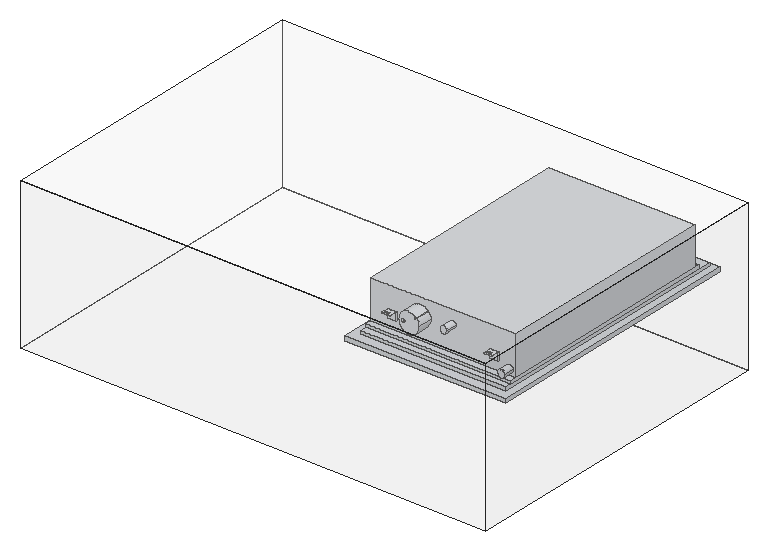
Revit family "pmfy-mp36_80fm_60Hz", category 機械設備, Revit 2019
Family settings
  丸型コネクタ寸法 = 直径を使用
  パーツ タイプ = 標準
  OmniClass 番号 = 23.75.10.24.21.27.27
  OmniClass タイトル = Split System Air Conditioning Units
  作業面ベース = いいえ
  常に垂直 = はい
  ロード時にボイドで切り取り = いいえ
  共有 = いいえ
  部屋計算ポイント = はい
Parameters (values of type "天井1方向_PMFY-MP36FM")
  風量_弱 (㎥/min) = 11
  風量_強 (㎥/min) = 14
  風量_中2 (㎥/min) = 12
  風量_中 (㎥/min) = 13
  風量 = MAX風量  # 840.0 m³/h
  音響パワーレベル_強 (dB) = 53
  音響パワーレベル_弱 (dB) = 47
  音響パワーレベル_中2 (dB) = 49
  音響パワーレベル_中 (dB) = 51
  音響パワーレベル(dB) = [音響パワーレベル_強 (dB)]  # 53
  電源種別 = ""
  電源_H = 60 mm
  電圧 = 200 V
  電動機出力_送風機 = 0.09 kW
  運転質量 = 0.00 kg
  連動 = ""
  質量 = if(製品質量 > 運転質量, 製品質量, 運転質量) * 1.2  # 39.00 kg
  負荷分類 = 3_ファン類
  製品質量_本体 = 26.00 kg
  製品質量_パネル = 6.50 kg
  構成品番 = "PMFY-MP36FM"
  ドレン管径 (外径) = 32.00 mm
  ドレン管径 = 25.00 mm
  サービススペース = yes
  【値が 0 の項目は組合せ形名にてご確認ください】 = ""
  URL = "https://www.mitsubishielectric.co.jp/ldg/wink/ssl/top.do"
  説明 = "ビル用マルチ 天井カセット形(1方向吹出)室内機"
  設計暖房能力 = 0.00 kW
  設計冷房能力_顕熱 = 0 kW
  設計冷房能力 = 0 kW
  設置方法 = "カセット形"
  記号 = ""
  製造元 = "三菱電機株式会社"
  製品質量 = 製品質量_本体 + 製品質量_パネル  # 32.50 kg
  製品出荷対象 = "国内"
  製品リリース年月 = ""
  製品グループ = ""
  系統 = ""
  符号 = "PAC-CK1"
  積算_科目 = "1 空気調和設備"
  積算_拾い区分 [instance] = ""
  相 = 1
  盤記号 = ""
  発停方法 = "付属スイッチ"
  特殊仕様 = ""
  火災停止 = ""
  消費電力_暖房 = 0.06 kW
  消費電力_冷房 = 0.07 kW
  消費電力 = if(消費電力_冷房 > 消費電力_暖房, 消費電力_冷房, 消費電力_暖房)  # 0.07 kW
  法定耐用年数 = "6"
  極数 = 1
  材質 = ""
  本体マテリアル = none
  有効加湿量 = 0
  暖房能力 = 4.00 kW
  推奨ブレーカー容量 = 0 A
  形式_加湿器 = ""
  形式 = "1方向天井カセット形"
  幹線記号 = ""
  始動方式 = "直入"
  呼称 = "パッケージ形空気調和機_室内機"
  周波数 = 60 Hz
  吊り位置Y = 1173 mm
  吊り位置X = 510 mm
  吊りボルト_H = 117 mm
  台数_手元リモコン = ""
  台数_冷媒分岐ユニット = ""
  参照している仕様書等のバージョン = "公共建築工事標準仕様書（機械設備工事編）平成31年度版"
  分類コード = "50053003123030"
  分類グループ = ""
  冷房能力 = 3.6 kW
  冷媒管径符号 = "Ac"
  冷媒管径 = 100.00 mm
  冷媒液管高さ = 171 mm
  冷媒液管長さ = 72 mm
  冷媒液管径 = 6.35 mm
  冷媒ガス管高さ = 141 mm
  冷媒ガス管長さ = 72 mm
  冷媒ガス管径 = 12.70 mm
  企業コード = "108420"
  付属品_フィルター = ""
  付属品 = ""
  仕様書バージョン = "Version1.0"
  Model = ""
  パネルマテリアル = none
  ドレン管高さ = 159 mm
  コメント [instance] = ""
  ケーブル種類 = ""
  ケーブルサイズ = 0 mm
  Width = 724 mm
  Version = ""
  Uniclass2015Version = "Systems v1.9"
  Uniclass2015Title = "Split coil remote air cooled condensing units"
  Uniclass2015Code = "Pr_70_65_03_84"
  SpecificationReference = ""
  SpecificationDescription = ""
  S_H = 230 mm
  Revision = ""
  ProductInformation = ""
  Panel Width = 800 mm
  Panel Height = 20 mm
  Panel Depth = 1340 mm
  OmniClassCode = "23-33 17 13 11"
  MIN風量 = [風量_弱 (㎥/min)] * 60.0 m³/h  # 660.0 m³/h
  MID風量2 = [風量_中2 (㎥/min)] * 60.0 m³/h  # 720.0 m³/h
  MID風量 = [風量_中 (㎥/min)] * 60.0 m³/h  # 780.0 m³/h
  MAX風量 = [風量_強 (㎥/min)] * 60.0 m³/h  # 840.0 m³/h
  IfcTypeProduct = ""
  IfcProduct = ""
  IfcExportType = "AIRCONDITIONINGUNIT"
  IfcExportAs = "IfcUnitaryEquipmentType"
  Height = 225 mm
  Depth = 1112 mm
  価格 = 0
  Clearance Top = 230 mm
  Clearance Right = 20 mm
  Clearance Left = 1500 mm
  Clearance Front = 150 mm
  Clearance Bottom = 500 mm
  Clearance Back = 150 mm
  Author = "三菱電機株式会社"
Types (5, lengths in mm): name | 風量_弱 (㎥/min) | 風量_強 (㎥/min) | 風量_中2 (㎥/min) | 風量_中 (㎥/min) | 風量 | 音響パワーレベル_強 (dB) | 音響パワーレベル_弱 (dB) | 音響パワーレベル_中2 (dB) | 音響パワーレベル_中 (dB) | 音響パワーレベル(dB) | 電源_H | 電動機出力_送風機 | 質量 | 製品質量_本体 | 構成品番 | 製品質量 | 消費電力_暖房 | 消費電力_冷房 | 消費電力 | 暖房能力 | 冷房能力 | 冷媒管径符号 | 冷媒液管径 | 冷媒ガス管径 | MIN風量 | MID風量2 | MID風量 | MAX風量
  天井1方向_PMFY-MP36FM | 11 | 14 | 12 | 13 | 840.0 m³/h | 53 | 47 | 49 | 51 | 53 | 60 | 0.09 kW | 39.00 kg | 26.00 kg | "PMFY-MP36FM" | 32.50 kg | 0.06 kW | 0.07 kW | 0.07 kW | 4.00 kW | 3.6 kW | "Ac" | 6.35 | 12.70 | 660.0 m³/h | 720.0 m³/h | 780.0 m³/h | 840.0 m³/h
  天井1方向_PMFY-MP45FM | 11 | 15 | 12 | 14 | 900.0 m³/h | 54 | 47 | 50 | 52 | 54 | 60 | 0.09 kW | 39.00 kg | 26.00 kg | "PMFY-MP45FM" | 32.50 kg | 0.06 kW | 0.07 kW | 0.07 kW | 5.00 kW | 4.5 kW | "Ac" | 6.35 | 12.70 | 660.0 m³/h | 720.0 m³/h | 840.0 m³/h | 900.0 m³/h
  天井1方向_PMFY-MP56FM | 11 | 16 | 12 | 14 | 960.0 m³/h | 55 | 48 | 50 | 52 | 55 | 60 | 0.09 kW | 39.00 kg | 26.00 kg | "PMFY-MP56FM" | 32.50 kg | 0.07 kW | 0.08 kW | 0.08 kW | 6.30 kW | 5.6 kW | "Ac" | 6.35 | 12.70 | 660.0 m³/h | 720.0 m³/h | 840.0 m³/h | 960.0 m³/h
  天井1方向_PMFY-MP71FM | 14 | 19 | 16 | 17 | 1140.0 m³/h | 56 | 51 | 53 | 54 | 56 | 60 | 0.095 kW | 41.40 kg | 28.00 kg | "PMFY-MP71FM" | 34.50 kg | 0.09 kW | 0.10 kW | 0.10 kW | 8.00 kW | 7.1 kW | "Bd" | 9.52 | 15.88 | 840.0 m³/h | 960.0 m³/h | 1020.0 m³/h | 1140.0 m³/h
  天井1方向_PMFY-MP80FM | 14 | 20 | 16 | 18 | 1200.0 m³/h | 58 | 51 | 53 | 55 | 58 | 0 | 0.095 kW | 41.40 kg | 28.00 kg | "PMFY-MP80FM" | 34.50 kg | 0.09 kW | 0.10 kW | 0.10 kW | 9.00 kW | 8 kW | "Bd" | 9.52 | 15.88 | 840.0 m³/h | 960.0 m³/h | 1080.0 m³/h | 1200.0 m³/h
Reference planes
  plane 1 "中心(正面/背面)": y = 0
  plane 2: z = 0
  plane 3 "中心(左/右)": x = 0
  plane 4: x = -400
  plane 5: x = 400
  plane 6: y = 670
  plane 7: y = -670
  plane 8: z = 225
  plane 9: z = 230
  plane 10: x = -255
  plane 11: x = 255
  plane 12: y = 586.5
  plane 13: y = -586.5
  plane 14: y = 556
  plane 15: y = -556
  plane 16: x = -362
  plane 17: x = 362
  plane 18: x = -1900
  plane 19: x = 420
  plane 20: y = 820
  plane 21: y = -820
  plane 22: z = 230
  plane 23: z = -20
  plane 24: z = -520
Dimensions and locks
  equal spacing: plane 4, plane 3 "中心(左/右)", plane 5
  plane 4 to plane 5 = 800 mm
  equal spacing: plane 7, plane 1 "中心(正面/背面)", plane 6
  plane 4 to plane 10 = 145 mm
  plane 11 to plane 5 = 145 mm
  "S_H": plane 9 to level
  "吊り位置X": plane 10 to plane 11
  equal spacing: plane 10, plane 3 "中心(左/右)", plane 11
  equal spacing: plane 13, plane 1 "中心(正面/背面)", plane 12
  "吊り位置Y": plane 13 to plane 12
  equal spacing: plane 15, plane 1 "中心(正面/背面)", plane 14
  "Depth": plane 15 to plane 14
  equal spacing: plane 16, plane 3 "中心(左/右)", plane 17
  "Width": plane 16 to plane 17
  "Clearance Left": plane 18 to plane 4
  "Clearance Right": plane 5 to plane 19
  "Clearance Back": plane 6 to plane 20
  "Clearance Front": plane 21 to plane 7
  locked: level to plane 23 at 20
  "Clearance Bottom": plane 23 to plane 24
  "Clearance Top": plane 22 to level
  plane 12 to plane 6 = 83.5 mm
  plane 7 to plane 13 = 83.5 mm
  plane 7 to plane 6 = 1340 mm
  "Height": plane 8 to level
  nested 3 to plane 2 = 117 mm
  aligned and locked: level to plane 2
  aligned and locked: plane 10 to nested 2
  aligned and locked: plane 11 to nested 2
  aligned and locked: nested 2 to plane 12
  aligned and locked: plane 13 to nested 2
  aligned and locked: plane 18 to nested 1
  aligned and locked: plane 19 to nested 1
  aligned and locked: nested 1 to plane 21
  aligned and locked: nested 1 to plane 20
  aligned and locked: plane 22 to nested 1
  aligned and locked: plane 24 to nested 1
  aligned and locked: plane 1 "中心(正面/背面)" to nested 3
  aligned and locked: nested 3 to plane 3 "中心(左/右)"
Nested families
  nested 1: "サービススペース" at (-740, 0, -145), visible <- "サービススペース", type "サービススペース"
    with Width 2320 mm, Height 750 mm, Depth 1640 mm
  nested 2: "固定点" at (-255, -586.5, 0), type "固定点"
    with W 510 mm, D 1173 mm
  nested 3: "PM-RP○○FA17" at (0, 0, 0) x (0, -1, 0) z (0, 0, 1), type "PM-RP○○FA17"
    with ユニット表示 yes, 液配管サイズ 6.35 mm, 冷媒液管径-Z 171 mm, 冷媒ガス管径-Z 141 mm, ドレン配管サイズ 32 mm
Connectors
  piping at (47, -613, 159), diameter 25, driven by "ドレン管径"
    settings: on nested 3, index 1, connector inside diameter 609.60 mm, connector length 0 mm, flow factor 0, pipe flow 0.0 L/s, pressure drop 0.0 Pa, fitting loss kfactor 0, connector angle 0.00°, fixture units 0, engagement length 0 mm, angle of deflection 0.00°, flow configuration 1, flow direction 2, fitting loss method 4, system type 16, joint type 0, gender type 0, connector reference index -1, connector utility 0, adjustable connector no, is connector primary yes, connector description ""
  piping at (-113, -628, 141), diameter 100, driven by "冷媒管径", driven by "冷媒管径符号"
    settings: on nested 3, index 2, connector inside diameter 609.60 mm, connector length 0 mm, flow factor 0, pipe flow 0.0 L/s, pressure drop 0.0 Pa, fitting loss kfactor 0, connector angle 0.00°, fixture units 0, engagement length 0 mm, angle of deflection 0.00°, flow configuration 1, flow direction 1, fitting loss method 4, system type 7, joint type 0, gender type 0, connector reference index -1, connector utility 0, adjustable connector no, is connector primary no, connector description "Ac"
  electrical at (330, -606, 60), driven by "極数", driven by "負荷分類", driven by "電圧", driven by "消費電力"
    settings: on nested 3, index 3, voltage 200 V, apparent load 70 VA, apparent load phase1 0 VA, apparent load phase2 0 VA, apparent load phase3 0 VA, power factor 1, load classification "3_ファン類", number of poles 1, system type 30, power factor state 1, is connector primary yes, connector utility no, sub classification motor no, connector description ""
Definition of nested family "サービススペース"
  Parameters (values of type "サービススペース")
    Width [instance] = 500 mm
    Height [instance] = 500 mm
    Depth [instance] = 500 mm
  Reference planes
    plane 1 "中心(正面/背面)": y = 0
    plane 2: z = 0
    plane 3 "中心(左/右)": x = 0
    plane 4: y = -250
    plane 5: x = 250
    plane 6: y = 250
    plane 7: x = -250
    plane 8: z = 250
    plane 9: z = -250
  Forms (mm)
    Extrusion 1, solid
      sketch origin (-638.939, 0, 72.39) x (1, 0, 0) y (0, 1, 0)
        loop
          line (388.939, 250) -> (388.939, -250) -> (888.939, -250) -> (888.939, 250) -> (388.939, 250)
      from -322.39 to 177.61
  Lines and regions (mm)
    symbolic lines
      curve 1: line (-250, 0, 250) -> (250, 0, 250)
      curve 2: line (-250, 0, -250) -> (-250, 0, 250)
      curve 3: line (250, 0, -250) -> (-250, 0, -250)
      curve 4: line (250, 0, 250) -> (250, 0, -250)
      curve 5: line (0, -250, 250) -> (0, 250, 250)
      curve 6: line (0, -250, -250) -> (0, -250, 250)
      curve 7: line (0, 250, -250) -> (0, -250, -250)
      curve 8: line (0, 250, 250) -> (0, 250, -250)
      curve 9: line (-250, 250, 0) -> (250, 250, 0)
      curve 10: line (-250, -250, 0) -> (-250, 250, 0)
      curve 11: line (250, -250, 0) -> (-250, -250, 0)
      curve 12: line (250, 250, 0) -> (250, -250, 0)
  Dimensions and locks
    equal spacing: plane 7, plane 3 "中心(左/右)", plane 5
    equal spacing: plane 4, plane 1 "中心(正面/背面)", plane 6
    "Depth": plane 4 to plane 6
    "Width": plane 7 to plane 5
    equal spacing: plane 8, plane 2, plane 9
    "Height": plane 8 to plane 9
    aligned and locked: plane 9 to curve 3
    aligned and locked: plane 7 to curve 2
    aligned and locked: curve 4 to plane 5
    aligned and locked: plane 5 to Extrusion 1
    aligned and locked: Extrusion 1 to plane 7
    aligned and locked: Extrusion 1 to plane 9
    aligned and locked: plane 8 to Extrusion 1
    aligned and locked: plane 9 to curve 7
  Automatic sketch dimensions
    plane 4 to Extrusion 1 sketch curve = 0 mm
    Extrusion 1 sketch curve to plane 7 = 0 mm
    Extrusion 1 sketch curve to plane 5 = 0 mm
    plane 6 to Extrusion 1 sketch curve = 0 mm
    curve 2 to plane 8 = 0 mm
    plane 4 to curve 11 = 0 mm
    curve 11 to plane 7 = 0 mm
    curve 11 to plane 5 = 0 mm
    plane 6 to curve 10 = 0 mm
    curve 7 to plane 4 = 0 mm
    curve 7 to plane 6 = 0 mm
    curve 6 to plane 8 = 0 mm
Definition of nested family "PM-RP○○FA17"
  Parameters (values of type "PM-RP○○FA17")
    配線取出口サイズ = 36 mm
    配線取出口-Z = 60 mm
    配線取出口-Y = 32 mm
    配線取出口-X = 50 mm
    液配管サイズ = 6.4 mm
    冷媒ガス管径-Z2 = 141 mm
    冷媒ガス管径-Z1 = 171 mm
    A = 幅さ + 228 mm  # 1340 mm
    高さ = 225 mm
    奥行き = 724 mm
    吊りボルト_H = 117 mm
    冷媒配管 = 100 mm
    冷媒液管径-Z = 156 mm
    冷媒液管径-Y = 445 mm
    冷媒液管径-X = 72 mm
    冷媒ガス管径-Z = 156 mm
    冷媒ガス管径-Y = 505 mm
    冷媒ガス管径-X = 72 mm
    ユニット表示 [instance] = yes
    ボルトピッチ = 510 mm
    ドレン配管サイズ = 25 mm
    ドレン管径-Z = 159 mm
    ドレン管径-Y = 315 mm
    ドレン管径-X = 57 mm
    ガス配管サイズ = 12.7 mm
    D = 幅さ + 61 mm  # 1173 mm
    幅さ = 1112 mm
    B = 幅さ + 188 mm  # 1300 mm
  Reference planes
    plane 1 "中心(正面/背面)": y = 0
    plane 2: z = 0
    plane 3 "中心(左/右)": x = 0
    plane 4: x = -670
    plane 5: x = 670
    plane 6: y = 400
    plane 7: y = -400
    plane 8: z = 225
    plane 9: z = -20
    plane 10: x = -556
    plane 11: x = 556
    plane 12: y = 362
    plane 13: y = -362
    plane 14: z = 16
    plane 15: x = -650
    plane 16: x = 650
    plane 17: x = 586.5
    plane 18: x = -586.5
    plane 19: z = 32
    plane 20: x = 620
    plane 21: y = 255
    plane 22: y = -255
    plane 23: x = 628
    plane 24: y = -143
    plane 25: z = 156
    plane 26: x = 628
    plane 27: y = -83
    plane 28: x = 613
    plane 29: y = 47
    plane 30: z = 159
    plane 31: x = 606
    plane 32: y = 330
    plane 33: z = 60
    plane 34: z = 117
    plane 35: z = 115
    plane 36: z = 75
    plane 37: y = 275
    plane 38: y = 235
    plane 39: y = -235
    plane 40: y = -275
    plane 41: y = 260
    plane 42: y = 250
    plane 43: y = -250
    plane 44: y = -260
    plane 45: x = -596
    plane 46: x = 596
    plane 47: x = -558
    plane 48: x = 558
    plane 49: z = 141
    plane 50: z = 171
  Forms (mm)
    Extrusion 1, solid, visible <- "ユニット表示", detail levels fine
      sketch origin (0, 0, 0) x (1, 0, 0) y (0, 1, 0)
        loop
          line (-556, 362) -> (-556, -362) -> (556, -362) -> (556, 362) -> (-556, 362)
      from 32 to 225
    Extrusion 2, solid, visible <- "ユニット表示", detail levels fine
      sketch origin (-1437.329, -1524, 16) x (-1, 0, 0) y (0, -1, 0)
        loop
          line (-850.829, -1886) -> (-850.829, -1162) -> (-2023.829, -1162) -> (-2023.829, -1886) -> (-850.829, -1886)
      from 0 to 16
    Extrusion 3, solid, visible <- "ユニット表示", detail levels fine
      sketch origin (-1437.329, -1524, 16) x (-1, 0, 0) y (0, -1, 0)
        loop
          line (-787.329, -1886) -> (-787.329, -1162) -> (-2057.329, -1162) -> (-2057.329, -1886) -> (-787.329, -1886)
      from 0 to -16
    Extrusion 4, solid, visible <- "ユニット表示", detail levels fine
      sketch origin (556, 1296.25, 1200) x (0, 1, 0) y (0, 0, 1)
        loop
          circle (-1439.25, -1059) r 6.35
      from 0 to 72
    Extrusion 5, solid, visible <- "ユニット表示", detail levels fine
      sketch origin (556, 1296.25, 1200) x (0, 1, 0) y (0, 0, 1)
        loop
          circle (-1379.25, -1029) r 3.2
      from 0 to 72
    Extrusion 6, solid, visible <- "ユニット表示", detail levels fine
      sketch origin (556, 1296.25, 1200) x (0, 1, 0) y (0, 0, 1)
        loop
          circle (-1249.25, -1041) r 12.5
      from 0 to 57
    Extrusion 7, solid, visible <- "ユニット表示", detail levels fine
      sketch origin (556, 1296.25, 1200) x (0, 1, 0) y (0, 0, 1)
        loop
          circle (-966.25, -1140) r 18
      from 0 to 50
    Extrusion 8, solid, visible <- "ユニット表示", detail levels fine
      sketch origin (556, 1306.25, 1200) x (0, 1, 0) y (0, 0, 1)
        loop
          circle (-1419.25, -1044) r 50
      from 0 to 72
    Extrusion 9, solid, visible <- "ユニット表示"
      sketch origin (0, 0, 0) x (1, 0, 0) y (0, 1, 0)
        loop
          line (-670, 400) -> (-670, -400) -> (670, -400) -> (670, 400) -> (-670, 400)
      from 0 to -20
    Extrusion 10, solid, visible <- "ユニット表示", detail levels fine
      sketch origin (0, 0, 0) x (1, 0, 0) y (0, 1, 0)
        loop
          line (-581.5, 260) -> (-581.5, 250)
          arc (-581.5, 250) -> (-586.5, 245) -> (-591.5, 250) r 5
          line (-591.5, 250) -> (-596, 250) -> (-596, 235) -> (-556, 235) -> (-556, 275) -> (-596, 275) -> (-596, 260) -> (-591.5, 260)
          arc (-591.5, 260) -> (-586.5, 265) -> (-581.5, 260) r 5
        loop
          arc (581.5, 260) -> (586.5, 265) -> (591.5, 260) r 5
          line (591.5, 260) -> (596, 260) -> (596, 275) -> (556, 275) -> (556, 235) -> (596, 235) -> (596, 250) -> (591.5, 250)
          arc (591.5, 250) -> (586.5, 245) -> (581.5, 250) r 5
          line (581.5, 250) -> (581.5, 260)
        loop
          line (581.5, -260) -> (581.5, -250)
          arc (581.5, -250) -> (586.5, -245) -> (591.5, -250) r 5
          line (591.5, -250) -> (596, -250) -> (596, -235) -> (556, -235) -> (556, -275) -> (596, -275) -> (596, -260) -> (591.5, -260)
          arc (591.5, -260) -> (586.5, -265) -> (581.5, -260) r 5
        loop
          arc (-581.5, -260) -> (-586.5, -265) -> (-591.5, -260) r 5
          line (-591.5, -260) -> (-596, -260) -> (-596, -275) -> (-556, -275) -> (-556, -235) -> (-596, -235) -> (-596, -250) -> (-591.5, -250)
          arc (-591.5, -250) -> (-586.5, -245) -> (-581.5, -250) r 5
          line (-581.5, -250) -> (-581.5, -260)
      from 115 to 117
    Extrusion 11, solid, visible <- "ユニット表示", detail levels fine
      sketch origin (0, 0, 0) x (1, 0, 0) y (0, 1, 0)
        loop
          line (-558, 275) -> (-558, 235) -> (-556, 235) -> (-556, 275) -> (-558, 275)
        loop
          line (556, 275) -> (556, 235) -> (558, 235) -> (558, 275) -> (556, 275)
        loop
          line (556, -235) -> (556, -275) -> (558, -275) -> (558, -235) -> (556, -235)
        loop
          line (-558, -235) -> (-558, -275) -> (-556, -275) -> (-556, -235) -> (-558, -235)
      from 75 to 115
  Dimensions and locks
    equal spacing: plane 7, plane 1 "中心(正面/背面)", plane 6
    plane 7 to plane 6 = 800 mm
    equal spacing: plane 4, plane 3 "中心(左/右)", plane 5
    "A": plane 4 to plane 5
    locked: level to plane 9 at 20
    equal spacing: plane 13, plane 1 "中心(正面/背面)", plane 12
    "奥行き": plane 13 to plane 12
    equal spacing: plane 10, plane 3 "中心(左/右)", plane 11
    "幅さ": plane 10 to plane 11
    locked: plane 14 to level at 16
    equal spacing: plane 15, plane 3 "中心(左/右)", plane 16
    "B": plane 15 to plane 16
    equal spacing: plane 18, plane 3 "中心(左/右)", plane 17
    "D": plane 18 to plane 17
    equal spacing: plane 22, plane 1 "中心(正面/背面)", plane 21
    "ボルトピッチ": plane 22 to plane 21
    "冷媒ガス管径-X": plane 11 to plane 23
    "冷媒ガス管径-Y": plane 24 to plane 12
    "冷媒液管径-X": plane 11 to plane 26
    "冷媒液管径-Y": plane 27 to plane 12
    "ドレン管径-X": plane 11 to plane 28
    "ドレン管径-Y": plane 29 to plane 12
    "配線取出口-X": plane 11 to plane 31
    "配線取出口-Y": plane 32 to plane 12
    "配線取出口-Z": plane 33 to level
    "ドレン管径-Z": plane 30 to level
    "冷媒ガス管径-Z": plane 25 to level
    locked: plane 35 to plane 36 at 40
    locked: plane 34 to plane 35 at 2
    "吊りボルト_H": plane 34 to level
    plane 40 to plane 22 to plane 39 = 20 mm locked, 20 mm locked
    plane 38 to plane 21 to plane 37 = 20 mm locked, 20 mm locked
    plane 44 to plane 22 to plane 43 = 5 mm locked, 5 mm locked
    plane 42 to plane 21 to plane 41 = 5 mm locked, 5 mm locked
    locked: plane 45 to plane 10 at 40
    locked: plane 11 to plane 46 at 40
    locked: plane 11 to plane 48 at 2
    locked: plane 47 to plane 10 at 2
    plane 16 to plane 15 = 1300 mm
    plane 4 to plane 15 = 20 mm
    plane 15 to plane 10 = 94 mm
    plane 11 to plane 16 = 94 mm
    plane 12 to plane 6 = 38 mm
    locked: plane 19 to plane 14 at 16
    "高さ": plane 8 to level
    equal spacing: plane 24, Extrusion 8 sketch curve, plane 27
    plane 7 to plane 13 = 38 mm
    plane 16 to plane 5 = 20 mm
    "冷媒ガス管径-Z2": plane 49 to level
    "冷媒ガス管径-Z1": plane 50 to level
    "ガス配管サイズ": diameter of Extrusion 4 sketch curve
    "液配管サイズ": diameter of Extrusion 5 sketch curve
    "配線取出口サイズ": diameter of Extrusion 7 sketch curve
    "冷媒配管": diameter of Extrusion 8 sketch curve
    "ドレン配管サイズ": diameter of Extrusion 6 sketch curve
    aligned and locked: level to plane 2
    aligned and locked: plane 12 to Extrusion 1 sketch curve
    aligned and locked: plane 10 to Extrusion 1 sketch curve
    aligned and locked: Extrusion 1 sketch curve to plane 13
    aligned and locked: Extrusion 1 sketch curve to plane 11
    aligned and locked: plane 8 to Extrusion 1
    aligned and locked: plane 12 to Extrusion 2 sketch curve
    aligned and locked: plane 18 to Extrusion 2 sketch curve
    aligned and locked: Extrusion 2 sketch curve to plane 13
    aligned and locked: Extrusion 2 sketch curve to plane 17
    aligned and locked: plane 19 to Extrusion 2
    aligned and locked: Extrusion 1 to Extrusion 2
    aligned and locked: plane 12 to Extrusion 3 sketch curve
    aligned and locked: Extrusion 3 sketch curve to plane 13
    aligned and locked: Extrusion 3 sketch curve to plane 20
    aligned and locked: Extrusion 3 to level
    aligned and locked: plane 14 to Extrusion 3
    aligned and locked: plane 24 to Extrusion 4 sketch curve
    aligned and locked: Extrusion 4 to plane 11
    aligned and locked: plane 23 to Extrusion 4
    aligned and locked: plane 27 to Extrusion 5 sketch curve
    aligned and locked: plane 26 to Extrusion 5
    aligned and locked: Extrusion 5 to plane 11
    aligned and locked: plane 30 to Extrusion 6 sketch curve
    aligned and locked: plane 29 to Extrusion 6 sketch curve
    aligned and locked: Extrusion 6 to plane 11
    aligned and locked: plane 28 to Extrusion 6
    aligned and locked: plane 33 to Extrusion 7 sketch curve
    aligned and locked: plane 32 to Extrusion 7 sketch curve
    aligned and locked: Extrusion 7 to plane 11
    aligned and locked: plane 31 to Extrusion 7
    aligned and locked: plane 25 to Extrusion 8 sketch curve
    aligned and locked: Extrusion 8 to plane 11
    aligned and locked: plane 26 to Extrusion 8
    aligned and locked: level to Extrusion 9
    aligned and locked: Extrusion 9 to plane 9
    aligned and locked: Extrusion 10 sketch curve to plane 10
    aligned and locked: plane 34 to Extrusion 10
    aligned and locked: Extrusion 10 to plane 35
    aligned and locked: plane 37 to Extrusion 10 sketch curve
    aligned and locked: plane 45 to Extrusion 10 sketch curve  (x2)
    aligned and locked: Extrusion 10 sketch curve to plane 38
    aligned and locked: Extrusion 10 sketch curve to plane 42
    aligned and locked: Extrusion 10 sketch curve to plane 41
    aligned and locked: plane 41 to Extrusion 10 sketch curve  (x3)
    aligned and locked: plane 42 to Extrusion 10 sketch curve  (x3)
    aligned and locked: plane 18 to Extrusion 10 sketch curve  (x4)
    aligned and locked: plane 10 to Extrusion 10 sketch curve
    aligned and locked: Extrusion 10 sketch curve to plane 39
    aligned and locked: plane 40 to Extrusion 10 sketch curve
    aligned and locked: plane 44 to Extrusion 10 sketch curve  (x3)
    aligned and locked: plane 43 to Extrusion 10 sketch curve  (x3)
    aligned and locked: Extrusion 10 sketch curve to plane 43
    aligned and locked: Extrusion 10 sketch curve to plane 44
    aligned and locked: Extrusion 10 sketch curve to plane 45  (x2)
    aligned and locked: plane 11 to Extrusion 10 sketch curve
    aligned and locked: Extrusion 10 sketch curve to plane 46  (x2)
    aligned and locked: plane 17 to Extrusion 10 sketch curve  (x4)
    aligned and locked: Extrusion 10 sketch curve to plane 40
    aligned and locked: plane 39 to Extrusion 10 sketch curve
    aligned and locked: plane 46 to Extrusion 10 sketch curve  (x2)
    aligned and locked: plane 38 to Extrusion 10 sketch curve
    aligned and locked: Extrusion 10 sketch curve to plane 11
    aligned and locked: Extrusion 10 sketch curve to plane 37
    aligned and locked: plane 37 to Extrusion 11 sketch curve
    aligned and locked: plane 47 to Extrusion 11 sketch curve  (x2)
    aligned and locked: Extrusion 11 sketch curve to Extrusion 10  (x8)
    aligned and locked: Extrusion 11 sketch curve to plane 38
    aligned and locked: Extrusion 11 sketch curve to plane 48  (x2)
    aligned and locked: Extrusion 11 sketch curve to plane 40
    aligned and locked: plane 39 to Extrusion 11 sketch curve
    aligned and locked: Extrusion 11 to Extrusion 10
    aligned and locked: Extrusion 11 to plane 36
    aligned and locked: plane 49 to Extrusion 4 sketch curve
    aligned and locked: plane 50 to Extrusion 5 sketch curve
  Automatic sketch dimensions
    Extrusion 9 sketch curve to plane 4 = 0 mm
    Extrusion 9 sketch curve to plane 5 = 0 mm
    plane 7 to Extrusion 9 sketch curve = 0 mm
    plane 6 to Extrusion 9 sketch curve = 0 mm
    Extrusion 10 sketch curve to plane 18 = 5 mm  (x2)
    Extrusion 10 sketch curve to plane 17 = 5 mm  (x2)
    Extrusion 3 sketch curve to plane 15 = 0 mm
Definition of nested family "固定点"
  Parameters (values of type "固定点")
    中心円 = 20 mm
    W [instance] = 1000 mm
    D [instance] = 1000 mm
  Reference planes
    plane 1 "中心(正面/背面)": y = 0
    plane 2: z = 0
    plane 3 "中心(左/右)": x = 0
    plane 4: x = 1000
    plane 5: y = 1000
  Lines and regions (mm)
    symbolic lines, detail levels fine
      curve 1: circle (0, 1000, 0) r 10 normal (0, 0, 1)
      curve 2: circle (0, 0, 0) r 10 normal (0, 0, 1)
      curve 3: circle (1000, 1000, 0) r 10 normal (0, 0, 1)
      curve 4: circle (1000, 0, 0) r 10 normal (0, 0, 1)
      curve 5: line (-200, 1000, 0) -> (1200, 1000, 0)
      curve 6: line (-200, 0, 0) -> (1200, 0, 0)
      curve 7: line (0, 1200, 0) -> (0, -200, 0)
      curve 8: line (1000, 1200, 0) -> (1000, -200, 0)
  Dimensions and locks
    "W": plane 3 "中心(左/右)" to plane 4
    "D": plane 1 "中心(正面/背面)" to plane 5
    "中心円": diameter of curve 1
    "中心円": diameter of curve 2
    "中心円": diameter of curve 3
    "中心円": diameter of curve 4
    aligned and locked: level to plane 2
    aligned and locked: plane 5 to curve 1
    aligned and locked: plane 3 "中心(左/右)" to curve 1
    aligned and locked: plane 3 "中心(左/右)" to curve 2
    aligned and locked: plane 1 "中心(正面/背面)" to curve 2
    aligned and locked: plane 4 to curve 3
    aligned and locked: plane 5 to curve 3
    aligned and locked: plane 1 "中心(正面/背面)" to curve 4
    aligned and locked: plane 4 to curve 4
    aligned and locked: plane 1 "中心(正面/背面)" to curve 6
    aligned and locked: curve 7 to plane 3 "中心(左/右)"
    aligned and locked: curve 8 to plane 4
  Automatic sketch dimensions
    curve 5 to plane 5 = 0 mm
    curve 6 to plane 3 "中心(左/右)" = 200 mm
    curve 5 to plane 3 "中心(左/右)" = 200 mm
    curve 4 to curve 6 = 200 mm
    curve 3 to curve 5 = 200 mm
    plane 1 "中心(正面/背面)" to curve 8 = 200 mm
    plane 1 "中心(正面/背面)" to curve 7 = 200 mm
    curve 3 to curve 8 = 200 mm
    curve 1 to curve 7 = 200 mm
